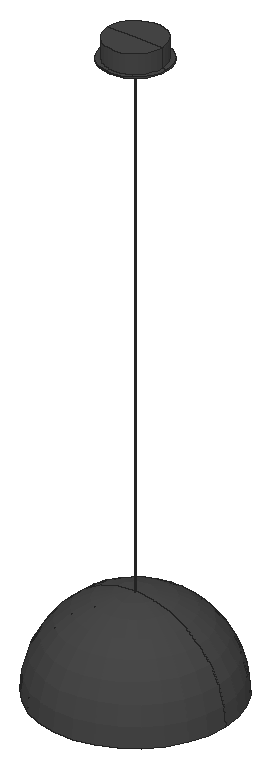
Revit family "3-20-xxxx Lucci Pendant", category Lighting Fixtures, host Ceiling, Revit 2018
Family settings
  Host = Ceiling
  Round Connector Dimension = Use Diameter
  Part Type = Normal
  OmniClass Number = 23.80.70.11
  OmniClass Title = Luminaries for Internal Lighting
  Always vertical = Yes
  Cut with Voids When Loaded = No
  Light Source = Yes
  Shared = No
  Room Calculation Point = No
Parameters (values of type "3-20-1550 / Black - Industrial Brass")
  Wattage Comments = "1 x 18W at 120"  # constant formula
  Wattage = 9.2903 W
  Voltage input = "120 V or 277 V - 50/60 Hz"  # constant formula
  built-in parameter 1150110 = 1 (stored number, unit not read)
  Voltage = 120 V
  URL = "www.oxygenlighting.com"
  built-in parameter 1114217 = 1 (stored number, unit not read)
  built-in parameter 1150109 = 1 (stored number, unit not read)
  built-in parameter 1150134 = (empty or 0)
  built-in parameter 1150113 = 1 (stored number, unit not read)
  References = "Ref. 3 = 120 V / Ref. 37 = 277 V"  # constant formula
  Pendant height [instance] = 51.1811"
  Model = "3-20-xxxx / Lucci Pendant"  # constant formula
  Metal finish 1 = 15 - Black
  Metal Finish 2 = 50 - Industrial Brass
  Manufacturer = "Oxygen Lighting and Fans"  # constant formula
  Lumens = 1380 lm
  built-in parameter 1150115 = 1 (stored number, unit not read)
  built-in parameter 1150105 = 109.82 (stored number, unit not read)
  Light Source Symbol Size = 24"
  built-in parameter 1150137 = (empty or 0)
  built-in parameter 1150139 = (empty or 0)
  built-in parameter 1150112 = 1 (stored number, unit not read)
  built-in parameter 1150114 = 1 (stored number, unit not read)
  Lamp = "LED Array"  # constant formula
  built-in parameter 1150132 = 2
  built-in parameter 1150102 = (empty or 0)
  built-in parameter 1150138 = (empty or 0)
  built-in parameter 1150107 = 3000 (stored number, unit not read)
  built-in parameter 1150106 = 1.0982 (stored number, unit not read)
  built-in parameter 1150104 = 13.8 (stored number, unit not read)
  Dimming Lamp Color Temperature Shift = <None>
  Color Filter = 16777215
  built-in parameter 1114218 = 1 (stored number, unit not read)
  built-in parameter 1150133 = 10 (stored number, unit not read)
Types (2): name | Metal finish 1
  3-20-650 / White - Industrial Brass | 6 - White
  3-20-1550 / Black - Industrial Brass | 15 - Black
Reference planes (in)
  plane 1 "Light Source Axis (F/B)": y = 0
  plane 2: z = 0
  plane 3 "Light Source Axis (L/R)": x = 0
  plane 4 "Ceiling": z = 157.48031
  plane 5 "Light Source Elevation": z = 106.29921
  plane 6: z = 114.17432
Forms (in)
  Revolve 1, solid, material "15 - Black" <- "Metal finish 1"
    sketch origin (0, 0, 0) x (1, 0, 0) y (0, 0, 1)
      loop
        line (0, 157.48031) -> (0, 114.17432) -> (0.05227, 114.17432) -> (0.05227, 155.82572) -> (2.75591, 155.82572) -> (2.75591, 155.90551) -> (2.3622, 155.90551) -> (2.3622, 157.48031) -> (0, 157.48031)
      axis (0, 114.17432) -> (0, 157.48031)
    angle from 0 to 360
Dimensions and locks (in)
  equal spacing: host sketch curve, plane 3 "Light Source Axis (L/R)", host sketch curve
  equal spacing: host sketch curve, plane 1 "Light Source Axis (F/B)", host sketch curve
  host sketch curve to host sketch curve = 157.48031"  (x2)
  plane 4 "Ceiling" to host ceiling = 0"
  locked: Revolve 1 sketch curve to Revolve 1 sketch curve at 1.6546
  locked: Revolve 1 sketch curve to Revolve 1 sketch curve at 2.3622
  locked: Revolve 1 sketch curve to Revolve 1 sketch curve at 0.0798
  locked: Revolve 1 sketch curve to Revolve 1 sketch curve at 2.75591
  locked: plane 6 to plane 5 "Light Source Elevation" at 7.8751
  "Pendant height": plane 5 "Light Source Elevation" to plane 4 "Ceiling"
  aligned and locked: plane 3 "Light Source Axis (L/R)" to imposter light
  aligned and locked: plane 1 "Light Source Axis (F/B)" to imposter light
  aligned and locked: plane 5 "Light Source Elevation" to imposter light
  aligned and locked: plane 3 "Light Source Axis (L/R)" to Revolve 1 sketch curve
  aligned and locked: Revolve 1 sketch curve to plane 4 "Ceiling"
  aligned and locked: plane 3 "Light Source Axis (L/R)" to nested 1
  aligned and locked: plane 1 "Light Source Axis (F/B)" to nested 1
  aligned and locked: nested 1 to plane 5 "Light Source Elevation"
  aligned and locked: Revolve 1 to plane 6
Automatic sketch dimensions
  Revolve 1 sketch curve to plane 3 "Light Source Axis (L/R)" = 0"
  Revolve 1 sketch curve to plane 6 = 0"
  Revolve 1 sketch curve to Revolve 1 sketch curve = 0.05227"
  Revolve 1 sketch curve to level = 14.10347"
  Revolve 1 sketch curve to Revolve 1 sketch curve = 14.25924"
Nested families (in)
  nested 1: "Family2" at (0, 0, 106.29921), type "Family2"
Connectors (in)
  electrical at (0, 0, 157.48031), driven by "Voltage"
    settings: on Revolve 1, index 1, voltage 120 V, apparent load 0 VA, apparent load phase1 0 VA, apparent load phase2 0 VA, apparent load phase3 0 VA, power factor 1, load classification "Other", number of poles 1, system type 31, power factor state 1, is connector primary yes, connector utility no, sub classification motor no, connector description ""
Definition of nested family "Family2"
  Parameters (values of type "Family2")
    Metal Finish 2 = none
    Metal Finish 1 = none
  Reference planes (in)
    plane 1 "Center (Front/Back)": y = 0
    plane 2: z = 0
    plane 3 "Center (Left/Right)": x = 0
  Forms (in)
    Revolve 1, solid, material <- "Metal Finish 1"
      sketch origin (0, 0, -64.56693) x (1, 0, 0) y (0, 0, 1)
        loop
          line (7.83465, 64.56693) -> (7.87402, 64.56693)
          arc (7.87402, 64.56693) -> (5.56777, 70.1347) -> (0, 72.44094) r 7.87402
          line (0, 72.44094) -> (0, 72.40157)
          arc (0, 72.40157) -> (5.53993, 70.10686) -> (7.83465, 64.56693) r 7.83465
        axis (0, 64.56693) -> (0, 72.44094)
      angle from 0 to 360
    Revolve 2, solid, material <- "Metal Finish 2"
      sketch origin (0, 0, 0) x (1, 0, 0) y (0, 0, 1)
        loop
          line (-7.83556, 0) -> (-7.79619, 0)
          arc (-7.79619, 0) -> (-5.51274, 5.51274) -> (0, 7.79619) r 7.79619
          line (0, 7.79619) -> (0, 7.83556)
          arc (0, 7.83556) -> (-5.54057, 5.54057) -> (-7.83556, 0) r 7.83556
        axis (0, 7.83556) -> (0, 0)
      angle from 0 to 360
  Dimensions and locks (in)
    aligned and locked: level to plane 2
    aligned and locked: Revolve 1 sketch curve to Revolve 1 sketch curve
